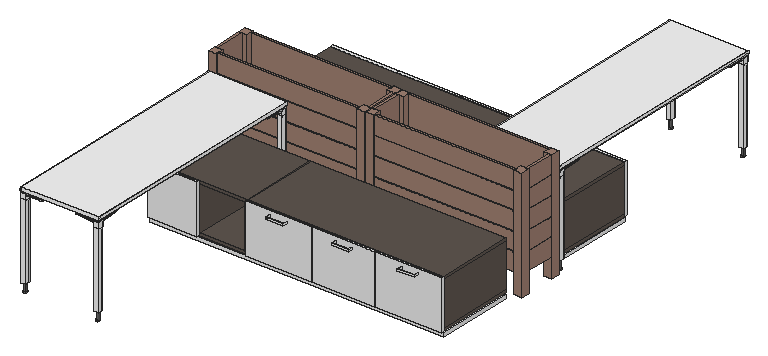
Revit family "T400094", category Furniture, Revit 2015
Parameters (values of type "T400094")
  URL = "https://ofs.com/"
  Manufacturer = "OFS"
  Description = "OFS TYPICAL T400094"
  Copyright © = "©OFS 2021"
  Catalog = "https://ofs.com/2020-experience"
  Authoring Version = "Autodesk Revit Architecture 2015"
  Assembly Code = "E2020400"
Reference planes (in)
  plane 1 "Center Front/Back": y = 0
  plane 2: z = 0
  plane 3 "Center Left/Right": x = 0
Dimensions and locks (in)
  aligned and locked: level to plane 2
Nested families (in)
  nested 1: "OFS INTERMIX TFL STRAIGHT TOP WITH SOLID COLOR 3MM PVC EDGE" at (-49.97801, -43.91732, 0) x (0, 1, 0) z (0, 0, 1), type "TFL STRAIGHT TOP SOLID COLOR 3MM PVC EDGE 72x24"
  nested 2: "FIRST OFFICE_INTERMIX_STORAGE_FLOOR_PLATFORM" at (7.40833, -16.54189, 0), type "INTERMIX-STORAGE-FLOOR-PLATFORM_CC-M9024FSP"
  nested 3: "FIRST OFFICE_INTERMIX_STORAGE_FLOOR_PLATFORM" at (6.19503, 30.22898, 0), type "INTERMIX-STORAGE-FLOOR-PLATFORM_CC-M9024FSP"
  nested 4: "OFS INTERMIX TFL STRAIGHT TOP WITH SOLID COLOR 3MM PVC EDGE" at (20.48568, 44.48819, 0) x (0, 1, 0) z (0, 0, 1), type "TFL STRAIGHT TOP SOLID COLOR 3MM PVC EDGE 72x24"
  nested 5: "OFS INTERMIX REESE LEGS" at (49.83274, 55.95866, 0) x (-1, 0, 0) z (0, 0, 1), type "Reese Leg with Caster"
    with Leveler Option yes, Caster Option no
  nested 6: "OFS INTERMIX REESE LEGS" at (54.0739, 76.95881, 0) x (0, -1, 0) z (0, 0, 1), type "Reese Leg with Caster"
    with Leveler Option yes, Caster Option no
  nested 7: "OFS INTERMIX REESE LEGS" at (28.88539, 12.13452, 0) x (0, 1, 0) z (0, 0, 1), type "Reese Leg with Caster"
    with Leveler Option yes, Caster Option no
  nested 8: "OFS INTERMIX REESE LEGS" at (33.03275, 33.13427, 0), type "Reese Leg with Caster"
    with Leveler Option yes, Caster Option no
  nested 9: "OFS INTERMIX REESE LEGS" at (-16.38679, -11.54189, 0) x (0, -1, 0) z (0, 0, 1), type "Reese Leg with Caster"
    with Leveler Option yes, Caster Option no
  nested 10: "OFS INTERMIX REESE LEGS" at (-37.42626, -55.36223, 0), type "Reese Leg with Caster"
    with Leveler Option yes, Caster Option no
  nested 11: "OFS INTERMIX REESE LEGS" at (-41.57137, -76.35972, 0) x (0, 1, 0) z (0, 0, 1), type "Reese Leg with Caster"
    with Leveler Option yes, Caster Option no
  nested 12: "OFS INTERMIX REESE LEGS" at (-20.62756, -32.54096, 0) x (-1, 0, 0) z (0, 0, 1), type "Reese Leg with Caster"
    with Leveler Option yes, Caster Option no
  nested 13: "INTERMIX PLANTER BOX" at (30.24159, 0, 0), type "INTERMIX PLANTER BOX 48in Width"
  nested 14: "INTERMIX PLANTER BOX" at (-17.75841, 0, 0), type "INTERMIX PLANTER BOX 48in Width"
  nested 15: "OFS INTERMIX TFL Floor Storage w Sliding Doors 30-36W 15H" at (-22.59168, -10.79189, 0) x (-1, 0, 0) z (0, 0, 1), type "TFL Floor Storage w Sliding Door 30"
  nested 16: "OFS INTERMIX TFL Floor Storage w Sliding Doors 30-36W 15H" at (36.19503, 11.97899, 0), type "TFL Floor Storage w Sliding Door 30"
  nested 17: "OFS INTERMIX Veneer Floor Storage with 3 Storage Drawers 60" at (22.40833, -10.79189, 0), type "Floor Storage 3 Storage Drawers 60"
  nested 18: "OFS INTERMIX Veneer Floor Storage with 3 Storage Drawers 60" at (-8.80496, 11.97898, 0) x (-1, 0, 0) z (0, 0, 1), type "Floor Storage 3 Storage Drawers 60"
Definition of nested family "OFS INTERMIX TFL STRAIGHT TOP WITH SOLID COLOR 3MM PVC EDGE"
  Parameters (values of type "TFL STRAIGHT TOP SOLID COLOR 3MM PVC EDGE 48x24")
    Width = 48.00"
    Thickness = 1.125"
    URL = "http://www.ofs.com"
    Model = "CC-K4824R"
    Manufacturer = "OFS"
    Height = 29.00"
    Edge Material = none
    Description = "OFS INTERMIX TFL STRAIGHT TOP WITH SOLID COLOR 3MM PVC EDGE 48\" Width, 24\" Connecting Edge, Seats One to Two"
    Depth = 24.00"
    Copyright © = "©OFS 2019"
    Catalog = "https://ofs.com/products/tables/conference/intermix-collaborative"
    Worksurface Material = none
    Authoring Version = "Autodesk Revit Architecture 2015"
    Assembly Code = "E2020200"
  Types (7): name | Width | Model | Description | Depth
    (no name) | 48.00" | "CC-K4824R" | "OFS INTERMIX TFL STRAIGHT TOP WITH SOLID COLOR 3MM PVC EDGE 48\" Width, 24\" Connecting Edge, Seats One to Two" | 24.00"
    TFL STRAIGHT TOP SOLID COLOR 3MM PVC EDGE 48x24 | 48.00" | "CC-K4824R" | "OFS INTERMIX TFL STRAIGHT TOP WITH SOLID COLOR 3MM PVC EDGE 48\" Width, 24\" Connecting Edge, Seats One to Two" | 24.00"
    TFL STRAIGHT TOP SOLID COLOR 3MM PVC EDGE 48x30 | 48.00" | "CC-K4830R" | "OFS INTERMIX TFL STRAIGHT TOP WITH SOLID COLOR 3MM PVC EDGE 48\" Width, 30\" Connecting Edge, Seats One to Two" | 30.00"
    TFL STRAIGHT TOP SOLID COLOR 3MM PVC EDGE 60x24 | 60.00" | "CC-K6024R" | "OFS INTERMIX TFL STRAIGHT TOP WITH SOLID COLOR 3MM PVC EDGE 60\" Width, 24\" Connecting Edge, Seats Two" | 24.00"
    TFL STRAIGHT TOP SOLID COLOR 3MM PVC EDGE 60x30 | 60.00" | "CC-K6030R" | "OFS INTERMIX TFL STRAIGHT TOP WITH SOLID COLOR 3MM PVC EDGE 60\" Width, 30\" Connecting Edge, Seats Two" | 30.00"
    TFL STRAIGHT TOP SOLID COLOR 3MM PVC EDGE 72x24 | 72.00" | "CC-K7224R" | "OFS INTERMIX TFL STRAIGHT TOP WITH SOLID COLOR 3MM PVC EDGE 72\" Width, 24\" Connecting Edge, Seats Two" | 24.00"
    TFL STRAIGHT TOP SOLID COLOR 3MM PVC EDGE 72x30 | 72.00" | "CC-K7230R" | "OFS INTERMIX TFL STRAIGHT TOP WITH SOLID COLOR 3MM PVC EDGE 72\" Width, 30\" Connecting Edge, Seats Two" | 30.00"
  Reference planes (in)
    plane 1 "Back": y = -9
    plane 2: z = 0
    plane 3 "Center Left/Right": x = 0
    plane 4: x = -24
    plane 5 "Center Front/Back": y = -21
    plane 6: x = 24
    plane 7: y = -33
    plane 8: z = 29
    plane 9: z = 27.875
    plane 10: through (-3.09549, -38.5554, 48) normal (-0.9848, 0.1736, 0)
    plane 11: through (0.02286, -21.12962, 48) normal (-0.9848, -0.1736, 0)
  Forms (in)
    Extrusion 1, solid, material <- "Worksurface Material"
      sketch origin (0, 0, 0) x (1, 0, 0) y (0, 1, 0)
        loop
          line (-24, -9.125) -> (-24, -32.875) -> (24, -32.875) -> (24, -9.125) -> (-24, -9.125)
      from 27.875 to 29
    Sweep 2, solid, material <- "Edge Material"
      path in 3D
        loop
          line (24, -9.125, 29) -> (-24, -9.125, 29)
      profile origin (0, -9.125, 29) x (0, -1, 0) y (0, 0, 1)
        loop
          arc (0, 0) -> (-0.08839, -0.03661) -> (-0.125, -0.125) r 0.125
          line (-0.125, -0.125) -> (-0.125, -1)
          arc (-0.125, -1) -> (-0.08839, -1.08839) -> (0, -1.125) r 0.125
          line (0, -1.125) -> (0, 0)
    Sweep 3, solid, material <- "Edge Material"
      path in 3D
        loop
          line (-24, -32.875, 29) -> (24, -32.875, 29)
      profile origin (0, -32.875, 29) x (0, 1, 0) y (0, 0, 1)
        loop
          arc (0, 0) -> (-0.08839, -0.03661) -> (-0.125, -0.125) r 0.125
          line (-0.125, -0.125) -> (-0.125, -1)
          arc (-0.125, -1) -> (-0.08839, -1.08839) -> (0, -1.125) r 0.125
          line (0, -1.125) -> (0, 0)
  Lines and regions (in)
    sketch lines
      curve 1: line (24, -9.125, 29) -> (-24, -9.125, 29)
      curve 2: line (-24, -32.875, 29) -> (24, -32.875, 29)
  Dimensions and locks (in)
    equal spacing: plane 4, plane 3 "Center Left/Right", plane 6
    "Width": plane 4 to plane 6
    "Depth": plane 7 to plane 1 "Back"
    "Height": plane 8 to level
    equal spacing: plane 1 "Back", plane 5 "Center Front/Back", plane 7
    "Thickness": plane 8 to plane 9
    aligned and locked: level to plane 2
  Automatic sketch dimensions
    Extrusion 1 sketch curve to plane 4 = 0.00"
    Extrusion 1 sketch curve to plane 6 = 0.00"
    plane 7 to Extrusion 1 sketch curve = 0.125"
    plane 1 "Back" to Extrusion 1 sketch curve = 0.125"
    Sweep 2 sketch curve to profile plane = 0.00"  (x2)
    Sweep 2 sketch curve to Sweep 2 sketch curve = 0.875"
    Sweep 2 sketch curve to Sweep 2 sketch curve = 0.125"
    Sweep 3 sketch curve to profile plane = 0.00"  (x2)
    Sweep 3 sketch curve to Sweep 3 sketch curve = 0.125"
    Sweep 3 sketch curve to Sweep 3 sketch curve = 0.875"
Definition of nested family "FIRST OFFICE_INTERMIX_STORAGE_FLOOR_PLATFORM"
  Parameters (values of type "INTERMIX-STORAGE-FLOOR-PLATFORM_CC-M9024FSP")
    SUPPORT PLANKS = none
    URL = "http://www.firstoffice.com/products/tables/intermix"
    SINGLE 3.5 HIGH = and(PLATFORM WIDTH < 91.00", PLATFORM HEIGHT > 2.50")  # no
    SINGLE 1.75 HIGH = and(PLATFORM WIDTH < 91.00", PLATFORM HEIGHT < 2.50")  # yes
    PLATFORM SURFACE = none
    PLATFORM DEPTH = 24.00"
    Manufacturer = "FIRST OFFICE-INTERMIX"
    MODEL NUMBER = "CC-M9024FSP"
    MANUFACTURERS' CODE = "FOF"
    ENVIRONMENTAL = "http://www.firstoffice.com/company/environment/"
    Description = "FLOOR STORAGE PLATFORM 90 X 24"
    CATALOG CODE = "FOF"
    PLATFORM WIDTH = 90.00"
    PLATFORM HEIGHT = 1.75"
    DOUBLE 3.5 HIGH = and(PLATFORM WIDTH > 91.00", PLATFORM HEIGHT > 2.50")  # no
    DOUBLE 1.75 HIGH = and(PLATFORM WIDTH > 91.00", PLATFORM HEIGHT < 2.50")  # no
  Types (41): name | SINGLE 3.5 HIGH | SINGLE 1.75 HIGH | PLATFORM DEPTH | MODEL NUMBER | Description | PLATFORM WIDTH | PLATFORM HEIGHT | DOUBLE 3.5 HIGH | DOUBLE 1.75 HIGH
    (no name) | no | yes | 24.00" | "CC-M9024FSP" | "FLOOR STORAGE PLATFORM 90 X 24" | 90.00" | 1.75" | no | no
    INTERMIX-STORAGE-FLOOR-PLATFORM_CC-M6018FSP | no | yes | 18.00" | "CC-M6018FSP" | "FLOOR STORAGE PLATFORM 60 X 18" | 60.00" | 1.75" | no | no
    INTERMIX-STORAGE-FLOOR-PLATFORM_CC-M9018FSP | no | yes | 18.00" | "CC-M9018FSP" | "FLOOR STORAGE PLATFORM 90 X 18" | 90.00" | 1.75" | no | no
    INTERMIX-STORAGE-FLOOR-PLATFORM_CC-M12018FSP | no | no | 18.00" | "CC-M12018FSP" | "FLOOR STORAGE PLATFORM 120 X 18" | 120.00" | 1.75" | no | yes
    INTERMIX-STORAGE-FLOOR-PLATFORM_CC-M15018FSP | no | no | 18.00" | "CC-M15018FSP" | "FLOOR STORAGE PLATFORM 150 X 18" | 150.00" | 1.75" | no | yes
    INTERMIX-STORAGE-FLOOR-PLATFORM_CC-M18018FSP | no | no | 18.00" | "CC-M18018FSP" | "FLOOR STORAGE PLATFORM 180 X 18" | 180.00" | 1.75" | no | yes
    INTERMIX-STORAGE-FLOOR-PLATFORM_CC-M6024FSP | no | yes | 24.00" | "CC-M6024FSP" | "FLOOR STORAGE PLATFORM 60 X 24" | 60.00" | 1.75" | no | no
    INTERMIX-STORAGE-FLOOR-PLATFORM_CC-M9024FSP | no | yes | 24.00" | "CC-M9024FSP" | "FLOOR STORAGE PLATFORM 90 X 24" | 90.00" | 1.75" | no | no
    INTERMIX-STORAGE-FLOOR-PLATFORM_CC-M12024FSP | no | no | 24.00" | "CC-M12024FSP" | "FLOOR STORAGE PLATFORM 120 X 24" | 120.00" | 1.75" | no | yes
    INTERMIX-STORAGE-FLOOR-PLATFORM_CC-M15024FSP | no | no | 24.00" | "CC-M15024FSP" | "FLOOR STORAGE PLATFORM 150 X 24" | 150.00" | 1.75" | no | yes
    INTERMIX-STORAGE-FLOOR-PLATFORM_CC-M18024FSP | no | no | 24.00" | "CC-M18024FSP" | "FLOOR STORAGE PLATFORM 180 X 24" | 180.00" | 1.75" | no | yes
    INTERMIX-STORAGE-FLOOR-PLATFORM_CC-M6018FSB | yes | no | 18.00" | "CC-M6018FSB" | "FLOOR STORAGE PLATFORM 60 X 18" | 60.00" | 3.50" | no | no
    INTERMIX-STORAGE-FLOOR-PLATFORM_CC-M9018FSB | yes | no | 18.00" | "CC-M9018FSB" | "FLOOR STORAGE PLATFORM 90 X 18" | 90.00" | 3.50" | no | no
    INTERMIX-STORAGE-FLOOR-PLATFORM_CC-M12018FSB | no | no | 18.00" | "CC-M12018FSB" | "FLOOR STORAGE PLATFORM 120 X 18" | 120.00" | 3.50" | yes | no
    INTERMIX-STORAGE-FLOOR-PLATFORM_CC-M15018FSB | no | no | 18.00" | "CC-M15018FSB" | "FLOOR STORAGE PLATFORM 150 X 18" | 150.00" | 3.50" | yes | no
    INTERMIX-STORAGE-FLOOR-PLATFORM_CC-M18018FSB | no | no | 18.00" | "CC-M18018FSB" | "FLOOR STORAGE PLATFORM 180 X 18" | 180.00" | 3.50" | yes | no
    INTERMIX-STORAGE-FLOOR-PLATFORM_CC-M6024FSB | yes | no | 24.00" | "CC-M6024FSB" | "FLOOR STORAGE PLATFORM 60 X 24" | 60.00" | 3.50" | no | no
    INTERMIX-STORAGE-FLOOR-PLATFORM_CC-M9024FSB | yes | no | 24.00" | "CC-M9024FSB" | "FLOOR STORAGE PLATFORM 90 X 24" | 90.00" | 3.50" | no | no
    INTERMIX-STORAGE-FLOOR-PLATFORM_CC-M12024FSB | no | no | 24.00" | "CC-M12024FSB" | "FLOOR STORAGE PLATFORM 120 X 24" | 120.00" | 3.50" | yes | no
    INTERMIX-STORAGE-FLOOR-PLATFORM_CC-M15024FSB | no | no | 24.00" | "CC-M15024FSB" | "FLOOR STORAGE PLATFORM 150 X 24" | 150.00" | 3.50" | yes | no
    INTERMIX-STORAGE-FLOOR-PLATFORM_CC-M18024FSB | no | no | 24.00" | "CC-M18024FSB" | "FLOOR STORAGE PLATFORM 180 X 24" | 180.00" | 3.50" | yes | no
    INTERMIX-STORAGE-FLOOR-PLATFORM_CC-W6018FSP | no | yes | 18.00" | "CC-W6018FSP" | "FLOOR STORAGE PLATFORM 60 X 18" | 60.00" | 1.75" | no | no
    INTERMIX-STORAGE-FLOOR-PLATFORM_CC-W9018FSP | no | yes | 18.00" | "CC-W9018FSP" | "FLOOR STORAGE PLATFORM 90 X 18" | 90.00" | 1.75" | no | no
    INTERMIX-STORAGE-FLOOR-PLATFORM_CC-W12018FSP | no | no | 18.00" | "CC-W12018FSP" | "FLOOR STORAGE PLATFORM 120 X 18" | 120.00" | 1.75" | no | yes
    INTERMIX-STORAGE-FLOOR-PLATFORM_CC-W15018FSP | no | no | 18.00" | "CC-W15018FSP" | "FLOOR STORAGE PLATFORM 150 X 18" | 150.00" | 1.75" | no | yes
    INTERMIX-STORAGE-FLOOR-PLATFORM_CC-W18018FSP | no | no | 18.00" | "CC-W18018FSP" | "FLOOR STORAGE PLATFORM 180 X 18" | 180.00" | 1.75" | no | yes
    INTERMIX-STORAGE-FLOOR-PLATFORM_CC-W6024FSP | no | yes | 24.00" | "CC-W6024FSP" | "FLOOR STORAGE PLATFORM 60 X 24" | 60.00" | 1.75" | no | no
    INTERMIX-STORAGE-FLOOR-PLATFORM_CC-W9024FSP | no | yes | 24.00" | "CC-W9024FSP" | "FLOOR STORAGE PLATFORM 90 X 24" | 90.00" | 1.75" | no | no
    INTERMIX-STORAGE-FLOOR-PLATFORM_CC-W12024FSP | no | no | 24.00" | "CC-W12024FSP" | "FLOOR STORAGE PLATFORM 120 X 24" | 120.00" | 1.75" | no | yes
    INTERMIX-STORAGE-FLOOR-PLATFORM_CC-W15024FSP | no | no | 24.00" | "CC-W15024FSP" | "FLOOR STORAGE PLATFORM 150 X 24" | 150.00" | 1.75" | no | yes
    INTERMIX-STORAGE-FLOOR-PLATFORM_CC-W18024FSP | no | no | 24.00" | "CC-W18024FSP" | "FLOOR STORAGE PLATFORM 180 X 24" | 180.00" | 1.75" | no | yes
    INTERMIX-STORAGE-FLOOR-PLATFORM_CC-W6018FSB | yes | no | 18.00" | "CC-W6018FSB" | "FLOOR STORAGE PLATFORM 60 X 18" | 60.00" | 3.50" | no | no
    INTERMIX-STORAGE-FLOOR-PLATFORM_CC-W9018FSB | yes | no | 18.00" | "CC-W9018FSB" | "FLOOR STORAGE PLATFORM 90 X 18" | 90.00" | 3.50" | no | no
    INTERMIX-STORAGE-FLOOR-PLATFORM_CC-W12018FSB | no | no | 18.00" | "CC-W12018FSB" | "FLOOR STORAGE PLATFORM 120 X 18" | 120.00" | 3.50" | yes | no
    INTERMIX-STORAGE-FLOOR-PLATFORM_CC-W15018FSB | no | no | 18.00" | "CC-W15018FSB" | "FLOOR STORAGE PLATFORM 150 X 18" | 150.00" | 3.50" | yes | no
    INTERMIX-STORAGE-FLOOR-PLATFORM_CC-W18018FSB | no | no | 18.00" | "CC-W18018FSB" | "FLOOR STORAGE PLATFORM 180 X 18" | 180.00" | 3.50" | yes | no
    INTERMIX-STORAGE-FLOOR-PLATFORM_CC-W6024FSB | yes | no | 24.00" | "CC-W6024FSB" | "FLOOR STORAGE PLATFORM 60 X 24" | 60.00" | 3.50" | no | no
    INTERMIX-STORAGE-FLOOR-PLATFORM_CC-W9024FSB | yes | no | 24.00" | "CC-W9024FSB" | "FLOOR STORAGE PLATFORM 90 X 24" | 90.00" | 3.50" | no | no
    INTERMIX-STORAGE-FLOOR-PLATFORM_CC-W12024FSB | no | no | 24.00" | "CC-W12024FSB" | "FLOOR STORAGE PLATFORM 120 X 24" | 120.00" | 3.50" | yes | no
    INTERMIX-STORAGE-FLOOR-PLATFORM_CC-W15024FSB | no | no | 24.00" | "CC-W15024FSB" | "FLOOR STORAGE PLATFORM 150 X 24" | 150.00" | 3.50" | yes | no
    INTERMIX-STORAGE-FLOOR-PLATFORM_CC-W18024FSB | no | no | 24.00" | "CC-W18024FSB" | "FLOOR STORAGE PLATFORM 180 X 24" | 180.00" | 3.50" | yes | no
  Reference planes (in)
    plane 1 "BACK": y = 5.75
    plane 2: z = 0
    plane 3 "Center Left/Right": x = 0
    plane 4 "LEFT": x = -45
    plane 5 "RIGHT": x = 45
    plane 6: y = 3.5
    plane 7: x = -42.28
    plane 8: x = 42.28
    plane 9: y = -18.25
    plane 10 "CENTER (FRONT/BACK)": y = -6.25
    plane 11: y = -16
    plane 12: y = 5
    plane 13: y = -17.5
    plane 14: x = 38.28
    plane 15: x = -38.28
    plane 16: z = 1.75
    plane 17: z = 0.75
    plane 18: x = -44.25
    plane 19: x = 44.25
    plane 20: x = -2.72
    plane 21: x = -6.72
    plane 22: x = -0.75
    plane 23: x = 2.72
    plane 24: x = 6.72
    plane 25: x = 0.75
  Forms (in)
    Extrusion 1, solid, material <- "SUPPORT PLANKS", visible <- "SINGLE 1.75 HIGH"
      sketch origin (0, -6.25, 0) x (1, 0, 0) y (0, 0, 1)
        loop
          line (-42.28, 0) -> (-38.28, 0) -> (-38.28, 0.75) -> (-42.28, 0.75) -> (-42.28, 0)
      from -9.75 to 9.75
    Extrusion 2, solid, material <- "SUPPORT PLANKS", visible <- "SINGLE 1.75 HIGH"
      sketch origin (0, -6.25, 0) x (-1, 0, 0) y (0, 0, -1)
        loop
          line (-42.28, 0) -> (-42.28, -0.75) -> (-38.28, -0.75) -> (-38.28, 0) -> (-42.28, 0)
      from -9.75 to 9.75
    Extrusion 3, solid, material <- "SUPPORT PLANKS", visible <- "SINGLE 3.5 HIGH"
      sketch origin (0, -6.25, 0) x (1, 0, 0) y (0, 0, 1)
        loop
          line (44.25, 0.75) -> (44.25, 0) -> (45, 0) -> (45, 0.75) -> (44.25, 0.75)
      from -11.25 to 11.25
    Extrusion 4, solid, material <- "SUPPORT PLANKS", visible <- "SINGLE 3.5 HIGH"
      sketch origin (0, -6.25, 0) x (-1, 0, 0) y (0, 0, -1)
        loop
          line (44.25, -0.75) -> (45, -0.75) -> (45, 0) -> (44.25, 0) -> (44.25, -0.75)
      from -11.25 to 11.25
    Extrusion 5, solid, material <- "SUPPORT PLANKS", visible <- "SINGLE 3.5 HIGH"
      sketch origin (0, 0, 0) x (0, 1, 0) y (0, 0, 1)
        loop
          line (5.75, 0) -> (5.75, 0.75) -> (5, 0.75) -> (5, 0) -> (5.75, 0)
      from -45 to 45
    Extrusion 6, solid, material <- "SUPPORT PLANKS", visible <- "SINGLE 3.5 HIGH"
      sketch origin (0, -12.5, 0) x (0, -1, 0) y (0, 0, -1)
        loop
          line (5.75, 0) -> (5, 0) -> (5, -0.75) -> (5.75, -0.75) -> (5.75, 0)
      from -45 to 45
    Extrusion 7, solid, material <- "PLATFORM SURFACE", visible <- "SINGLE 3.5 HIGH"
      sketch origin (0, 0, 0) x (1, 0, 0) y (0, 1, 0)
        loop
          line (-45, 5.75) -> (-45, -18.25) -> (45, -18.25) -> (45, 5.75) -> (-45, 5.75)
      from 0.75 to 1.75
    Extrusion 8, solid, material <- "PLATFORM SURFACE", visible <- "DOUBLE 1.75 HIGH"
      sketch origin (-30, -6.25, 0) x (-1, 0, 0) y (0, 0, -1)
        loop
          line (-27.28, 0) -> (-27.28, -0.75) -> (-23.28, -0.75) -> (-23.28, 0) -> (-27.28, 0)
      from -9.75 to 9.75
    Extrusion 9, solid, material <- "PLATFORM SURFACE", visible <- "DOUBLE 1.75 HIGH"
      sketch origin (30, -6.25, 0) x (1, 0, 0) y (0, 0, 1)
        loop
          line (-27.28, 0) -> (-23.28, 0) -> (-23.28, 0.75) -> (-27.28, 0.75) -> (-27.28, 0)
      from -9.75 to 9.75
    Extrusion 10, solid, material <- "SUPPORT PLANKS", visible <- "DOUBLE 3.5 HIGH"
      sketch origin (29.25, -6.25, 0) x (-1, 0, 0) y (0, 0, -1)
        loop
          line (29.25, -0.75) -> (30, -0.75) -> (30, 0) -> (29.25, 0) -> (29.25, -0.75)
      from -11.25 to 11.25
    Extrusion 11, solid, material <- "SUPPORT PLANKS", visible <- "DOUBLE 3.5 HIGH"
      sketch origin (-29.25, -6.25, 0) x (1, 0, 0) y (0, 0, 1)
        loop
          line (29.25, 0.75) -> (29.25, 0) -> (30, 0) -> (30, 0.75) -> (29.25, 0.75)
      from -11.25 to 11.25
    Extrusion 12, solid, material <- "SUPPORT PLANKS", visible <- "DOUBLE 1.75 HIGH"
      sketch origin (0.75, -6.25, 0) x (1, 0, 0) y (0, 0, 1)
        loop
          line (-43.03, 0) -> (-39.03, 0) -> (-39.03, 0.75) -> (-43.03, 0.75) -> (-43.03, 0)
      from -9.75 to 9.75
    Extrusion 13, solid, material <- "SUPPORT PLANKS", visible <- "DOUBLE 3.5 HIGH"
      sketch origin (0.34397, -6.25, 0) x (-1, 0, 0) y (0, 0, -1)
        loop
          line (44.59397, -0.75) -> (45.34397, -0.75) -> (45.34397, 0) -> (44.59397, 0) -> (44.59397, -0.75)
      from -11.25 to 11.25
    Extrusion 14, solid, material <- "SUPPORT PLANKS", visible <- "DOUBLE 1.75 HIGH"
      sketch origin (-0.35572, -6.25, 0) x (-1, 0, 0) y (0, 0, -1)
        loop
          line (-42.63572, 0) -> (-42.63572, -0.75) -> (-38.63572, -0.75) -> (-38.63572, 0) -> (-42.63572, 0)
      from -9.75 to 9.75
    Extrusion 15, solid, material <- "SUPPORT PLANKS", visible <- "DOUBLE 3.5 HIGH"
      sketch origin (-0.25, -6.25, 0) x (1, 0, 0) y (0, 0, 1)
        loop
          line (44.5, 0.75) -> (44.5, 0) -> (45.25, 0) -> (45.25, 0.75) -> (44.5, 0.75)
      from -11.25 to 11.25
    Extrusion 16, solid, material <- "PLATFORM SURFACE", visible <- "SINGLE 1.75 HIGH"
      sketch origin (0, -1.25, 0) x (1, 0, 0) y (0, 1, 0)
        loop
          line (-45, 7) -> (-45, -17) -> (45, -17) -> (45, 7) -> (-45, 7)
      from 0.75 to 1.75
    Extrusion 17, solid, material <- "PLATFORM SURFACE", visible <- "DOUBLE 3.5 HIGH"
      sketch origin (0, -2.75, 0) x (1, 0, 0) y (0, 1, 0)
        loop
          line (-45, 8.5) -> (-45, -15.5) -> (0, -15.5) -> (0, 8.5) -> (-45, 8.5)
      from 1.75 to 0.75
    Extrusion 18, solid, material <- "PLATFORM SURFACE", visible <- "DOUBLE 3.5 HIGH"
      sketch origin (31.75, -2.75, 0) x (1, 0, 0) y (0, 1, 0)
        loop
          line (-31.75, 8.5) -> (-31.75, -15.5) -> (13.25, -15.5) -> (13.25, 8.5) -> (-31.75, 8.5)
      from 0.75 to 1.75
    Extrusion 19, solid, material <- "PLATFORM SURFACE", visible <- "DOUBLE 1.75 HIGH"
      sketch origin (0, -1.5, 0) x (1, 0, 0) y (0, 1, 0)
        loop
          line (-45, 7.25) -> (-45, -16.75) -> (0, -16.75) -> (0, 7.25) -> (-45, 7.25)
      from 1.75 to 0.75
    Extrusion 20, solid, material <- "PLATFORM SURFACE", visible <- "DOUBLE 1.75 HIGH"
      sketch origin (31.75, -1.5, 0) x (1, 0, 0) y (0, 1, 0)
        loop
          line (-31.75, 7.25) -> (-31.75, -16.75) -> (13.25, -16.75) -> (13.25, 7.25) -> (-31.75, 7.25)
      from 0.75 to 1.75
    Extrusion 21, solid, material <- "SUPPORT PLANKS", visible <- "DOUBLE 3.5 HIGH"
      sketch origin (0, 0.5, 0) x (0, 1, 0) y (0, 0, 1)
        loop
          line (5.25, 0) -> (5.25, 0.75) -> (4.5, 0.75) -> (4.5, 0) -> (5.25, 0)
      from -45 to 0
    Extrusion 22, solid, material <- "SUPPORT PLANKS", visible <- "DOUBLE 3.5 HIGH"
      sketch origin (58, 0.5, 0) x (0, 1, 0) y (0, 0, 1)
        loop
          line (5.25, 0) -> (5.25, 0.75) -> (4.5, 0.75) -> (4.5, 0) -> (5.25, 0)
      from -58 to -13
    Extrusion 23, solid, material <- "SUPPORT PLANKS", visible <- "DOUBLE 3.5 HIGH"
      sketch origin (0, -13, 0) x (0, -1, 0) y (0, 0, -1)
        loop
          line (5.25, 0) -> (4.5, 0) -> (4.5, -0.75) -> (5.25, -0.75) -> (5.25, 0)
      from -45 to 0
    Extrusion 24, solid, material <- "SUPPORT PLANKS", visible <- "DOUBLE 3.5 HIGH"
      sketch origin (58, -13, 0) x (0, -1, 0) y (0, 0, -1)
        loop
          line (5.25, 0) -> (4.5, 0) -> (4.5, -0.75) -> (5.25, -0.75) -> (5.25, 0)
      from -58 to -13
  Lines and regions (in)
    Masking region 1, visible <- "SINGLE 1.75 HIGH"
      outline origin (0, 0, 0) x (1, 0, 0) y (0, 1, 0)
        loop
          line (-45, 5.75) -> (-45, -18.25) -> (45, -18.25) -> (45, 5.75) -> (-45, 5.75)
    Masking region 2, visible <- "SINGLE 3.5 HIGH"
      outline origin (0, 0, 0) x (1, 0, 0) y (0, 1, 0)
        loop
          line (-45, 5.75) -> (-45, -18.25) -> (45, -18.25) -> (45, 5.75) -> (-45, 5.75)
    Masking region 3, visible <- "DOUBLE 1.75 HIGH"
      outline origin (0, 0, 0) x (1, 0, 0) y (0, 1, 0)
        loop
          line (-45, 5.75) -> (-45, -18.25) -> (0, -18.25) -> (0, 5.75) -> (-45, 5.75)
    Masking region 4, visible <- "DOUBLE 1.75 HIGH"
      outline origin (0, 0, 0) x (1, 0, 0) y (0, 1, 0)
        loop
          line (0, 5.75) -> (0, -18.25) -> (45, -18.25) -> (45, 5.75) -> (0, 5.75)
    Masking region 5, visible <- "DOUBLE 3.5 HIGH"
      outline origin (0, 0, 0) x (1, 0, 0) y (0, 1, 0)
        loop
          line (-45, 5.75) -> (-45, -18.25) -> (0, -18.25) -> (0, 5.75) -> (-45, 5.75)
    Masking region 6, visible <- "DOUBLE 3.5 HIGH"
      outline origin (0, 0, 0) x (1, 0, 0) y (0, 1, 0)
        loop
          line (0, 5.75) -> (0, -18.25) -> (45, -18.25) -> (45, 5.75) -> (0, 5.75)
  Dimensions and locks (in)
    "PLATFORM WIDTH": plane 4 "LEFT" to plane 5 "RIGHT"
    equal spacing: plane 4 "LEFT", plane 3 "Center Left/Right", plane 5 "RIGHT"
    equal spacing: plane 9, plane 10 "CENTER (FRONT/BACK)", plane 1 "BACK"
    "PLATFORM DEPTH": plane 9 to plane 1 "BACK"
    plane 6 to plane 12 to plane 1 "BACK" = 1.50" locked, 0.75" locked
    plane 9 to plane 13 to plane 11 = 0.75" locked, 1.50" locked
    locked: plane 16 to plane 17 at 1
    "PLATFORM HEIGHT": plane 16 to plane 2
    plane 4 "LEFT" to plane 18 to plane 7 to plane 15 = 0.75" locked, 1.97" locked, 4.00" locked
    plane 14 to plane 8 to plane 19 to plane 5 "RIGHT" = 4.00" locked, 1.97" locked, 0.75" locked
    locked: Extrusion 1 sketch curve to Extrusion 1 sketch curve at 0.75
    locked: Extrusion 2 sketch curve to Extrusion 2 sketch curve at 0.75
    locked: Extrusion 8 sketch curve to Extrusion 8 sketch curve at 0.75
    locked: Extrusion 9 sketch curve to Extrusion 9 sketch curve at 0.75
    locked: Extrusion 12 sketch curve to Extrusion 12 sketch curve at 0.75
    locked: Extrusion 14 sketch curve to Extrusion 14 sketch curve at 0.75
    aligned and locked: Extrusion 1 to plane 6
    aligned and locked: Extrusion 1 to plane 11
    aligned and locked: Extrusion 1 sketch curve to plane 7
    aligned and locked: plane 15 to Extrusion 1 sketch curve
    aligned and locked: Extrusion 1 sketch curve to plane 2
    aligned and locked: Extrusion 2 sketch curve to plane 14
    aligned and locked: plane 8 to Extrusion 2 sketch curve
    aligned and locked: Extrusion 2 to plane 6
    aligned and locked: Extrusion 2 to plane 11
    aligned and locked: Extrusion 3 sketch curve to plane 19
    aligned and locked: plane 5 "RIGHT" to Extrusion 3 sketch curve
    aligned and locked: plane 17 to Extrusion 3 sketch curve
    aligned and locked: Extrusion 4 sketch curve to plane 17
    aligned and locked: Extrusion 4 sketch curve to plane 18
    aligned and locked: plane 4 "LEFT" to Extrusion 4 sketch curve
    aligned and locked: Extrusion 3 to plane 12
    aligned and locked: plane 13 to Extrusion 3
    aligned and locked: Extrusion 4 to plane 12
    aligned and locked: plane 13 to Extrusion 4
    aligned and locked: plane 12 to Extrusion 5 sketch curve
    aligned and locked: Extrusion 5 sketch curve to plane 1 "BACK"
    aligned and locked: plane 17 to Extrusion 5 sketch curve
    aligned and locked: plane 13 to Extrusion 6 sketch curve
    aligned and locked: Extrusion 6 sketch curve to plane 9
    aligned and locked: Extrusion 6 sketch curve to plane 17
    aligned and locked: Extrusion 6 to plane 4 "LEFT"
    aligned and locked: Extrusion 5 to plane 4 "LEFT"
    aligned and locked: plane 5 "RIGHT" to Extrusion 5
    aligned and locked: plane 5 "RIGHT" to Extrusion 6
    aligned and locked: Extrusion 7 sketch curve to plane 4 "LEFT"
    aligned and locked: Extrusion 7 sketch curve to plane 1 "BACK"
    aligned and locked: plane 9 to Extrusion 7 sketch curve
    aligned and locked: plane 5 "RIGHT" to Extrusion 7 sketch curve
    aligned and locked: plane 16 to Extrusion 7
    aligned and locked: Extrusion 7 to plane 17
    aligned and locked: Extrusion 8 sketch curve to plane 21
    aligned and locked: plane 20 to Extrusion 8 sketch curve
    aligned and locked: Extrusion 9 sketch curve to plane 23
    aligned and locked: plane 24 to Extrusion 9 sketch curve
    aligned and locked: Extrusion 12 sketch curve to plane 7
    aligned and locked: plane 15 to Extrusion 12 sketch curve
    aligned and locked: plane 4 "LEFT" to Extrusion 13 sketch curve
    aligned and locked: Extrusion 13 sketch curve to plane 18
    aligned and locked: Extrusion 14 sketch curve to plane 14
    aligned and locked: plane 8 to Extrusion 14 sketch curve
    aligned and locked: Extrusion 15 sketch curve to plane 19
    aligned and locked: plane 5 "RIGHT" to Extrusion 15 sketch curve
    aligned and locked: Extrusion 16 sketch curve to plane 1 "BACK"
    aligned and locked: plane 9 to Extrusion 16 sketch curve
    aligned and locked: plane 5 "RIGHT" to Extrusion 20 sketch curve
    aligned and locked: Extrusion 20 sketch curve to plane 3 "Center Left/Right"
    aligned and locked: Extrusion 20 sketch curve to plane 1 "BACK"
    aligned and locked: plane 9 to Extrusion 20 sketch curve
    aligned and locked: Extrusion 19 sketch curve to plane 4 "LEFT"
    aligned and locked: Extrusion 19 sketch curve to plane 1 "BACK"
    aligned and locked: plane 3 "Center Left/Right" to Extrusion 19 sketch curve
    aligned and locked: plane 9 to Extrusion 19 sketch curve
    aligned and locked: Extrusion 17 sketch curve to plane 1 "BACK"
    aligned and locked: Extrusion 17 sketch curve to plane 4 "LEFT"
    aligned and locked: plane 9 to Extrusion 17 sketch curve
    aligned and locked: plane 3 "Center Left/Right" to Extrusion 17 sketch curve
    aligned and locked: Extrusion 18 sketch curve to plane 1 "BACK"
    aligned and locked: plane 5 "RIGHT" to Extrusion 18 sketch curve
    aligned and locked: Extrusion 18 sketch curve to plane 3 "Center Left/Right"
    aligned and locked: plane 9 to Extrusion 18 sketch curve
    aligned and locked: plane 12 to Extrusion 21 sketch curve
    aligned and locked: Extrusion 21 to plane 4 "LEFT"
    aligned and locked: plane 3 "Center Left/Right" to Extrusion 21
    aligned and locked: Extrusion 22 to plane 3 "Center Left/Right"
    aligned and locked: plane 5 "RIGHT" to Extrusion 22
    aligned and locked: Extrusion 22 to plane 1 "BACK"
    aligned and locked: Extrusion 21 to plane 1 "BACK"
    aligned and locked: plane 9 to Extrusion 24
    aligned and locked: plane 9 to Extrusion 23
    aligned and locked: plane 5 "RIGHT" to Extrusion 24
    aligned and locked: Extrusion 23 to plane 4 "LEFT"
    aligned and locked: Extrusion 12 to plane 6
    aligned and locked: Extrusion 8 to plane 6
    aligned and locked: Extrusion 9 to plane 6
    aligned and locked: Extrusion 14 to plane 6
    aligned and locked: Extrusion 11 to plane 12
    aligned and locked: Extrusion 10 to plane 12
    aligned and locked: Extrusion 14 to plane 11
    aligned and locked: Extrusion 9 to plane 11
    aligned and locked: Extrusion 8 to plane 11
    aligned and locked: Extrusion 12 to plane 11
    aligned and locked: plane 13 to Extrusion 13
    aligned and locked: plane 13 to Extrusion 10
    aligned and locked: plane 13 to Extrusion 11
    aligned and locked: plane 13 to Extrusion 15
    aligned and locked: Extrusion 15 to plane 12
    aligned and locked: Extrusion 13 to plane 12
    aligned: plane 16 to Extrusion 19
    aligned: plane 16 to Extrusion 17
    aligned and locked: plane 16 to Extrusion 16
    aligned and locked: plane 16 to Extrusion 20
    aligned and locked: plane 16 to Extrusion 18
    aligned and locked: Extrusion 16 to plane 17
    aligned and locked: Extrusion 20 to plane 17
    aligned and locked: Extrusion 18 to plane 17
    aligned and locked: plane 16 to Extrusion 19
    aligned and locked: Extrusion 17 to plane 17
    aligned and locked: plane 16 to Extrusion 17
    aligned and locked: Extrusion 19 to plane 17
  Automatic sketch dimensions
    Extrusion 2 sketch curve to level = 0.00"
    Extrusion 3 sketch curve to level = 0.00"
    Extrusion 4 sketch curve to level = 0.00"
    Extrusion 5 sketch curve to level = 0.00"
    Extrusion 6 sketch curve to level = 0.00"
    Extrusion 8 sketch curve to level = 0.00"
    Extrusion 9 sketch curve to level = 0.00"
    Extrusion 10 sketch curve to level = 0.00"
    Extrusion 10 sketch curve to plane 3 "Center Left/Right" = 0.00"
    Extrusion 10 sketch curve to plane 17 = 0.00"
    Extrusion 10 sketch curve to plane 22 = 0.00"
    Extrusion 11 sketch curve to level = 0.00"
    Extrusion 11 sketch curve to plane 3 "Center Left/Right" = 0.00"
    Extrusion 11 sketch curve to plane 17 = 0.00"
    Extrusion 11 sketch curve to plane 25 = 0.00"
    Extrusion 12 sketch curve to level = 0.00"
    Extrusion 13 sketch curve to level = 0.00"
    Extrusion 13 sketch curve to plane 17 = 0.00"
    Extrusion 14 sketch curve to level = 0.00"
    Extrusion 15 sketch curve to level = 0.00"
    Extrusion 15 sketch curve to plane 17 = 0.00"
    Extrusion 16 sketch curve to plane 4 "LEFT" = 0.00"
    Extrusion 16 sketch curve to plane 5 "RIGHT" = 0.00"
    Masking region 1 sketch curve to plane 4 "LEFT" = 0.00"
    plane 1 "BACK" to Masking region 1 sketch curve = 0.00"
    Masking region 1 sketch curve to plane 5 "RIGHT" = 0.00"
    plane 9 to Masking region 1 sketch curve = 0.00"
    Masking region 2 sketch curve to plane 4 "LEFT" = 0.00"
    plane 1 "BACK" to Masking region 2 sketch curve = 0.00"
    Masking region 2 sketch curve to plane 5 "RIGHT" = 0.00"
    plane 9 to Masking region 2 sketch curve = 0.00"
    Masking region 3 sketch curve to plane 4 "LEFT" = 0.00"
    plane 1 "BACK" to Masking region 3 sketch curve = 0.00"
    Masking region 3 sketch curve to plane 3 "Center Left/Right" = 0.00"
    plane 9 to Masking region 3 sketch curve = 0.00"
    Masking region 4 sketch curve to plane 3 "Center Left/Right" = 0.00"
    plane 1 "BACK" to Masking region 4 sketch curve = 0.00"
    Masking region 4 sketch curve to plane 5 "RIGHT" = 0.00"
    plane 9 to Masking region 4 sketch curve = 0.00"
    Masking region 5 sketch curve to plane 4 "LEFT" = 0.00"
    plane 1 "BACK" to Masking region 5 sketch curve = 0.00"
    Masking region 5 sketch curve to plane 3 "Center Left/Right" = 0.00"
    plane 9 to Masking region 5 sketch curve = 0.00"
    Masking region 6 sketch curve to plane 3 "Center Left/Right" = 0.00"
    plane 1 "BACK" to Masking region 6 sketch curve = 0.00"
    Masking region 6 sketch curve to plane 5 "RIGHT" = 0.00"
    plane 9 to Masking region 6 sketch curve = 0.00"
    Extrusion 21 sketch curve to plane 17 = 0.00"
    Extrusion 21 sketch curve to level = 0.00"
    Extrusion 21 sketch curve to plane 1 "BACK" = 0.00"
    Extrusion 22 sketch curve to level = 0.00"
    Extrusion 22 sketch curve to plane 12 = 0.00"
    Extrusion 22 sketch curve to plane 17 = 0.00"
    Extrusion 22 sketch curve to plane 1 "BACK" = 0.00"
    Extrusion 23 sketch curve to level = 0.00"
    Extrusion 23 sketch curve to plane 13 = 0.00"
    Extrusion 23 sketch curve to plane 17 = 0.00"
    plane 9 to Extrusion 23 sketch curve = 0.00"
    Extrusion 24 sketch curve to level = 0.00"
    Extrusion 24 sketch curve to plane 13 = 0.00"
    Extrusion 24 sketch curve to plane 17 = 0.00"
    plane 9 to Extrusion 24 sketch curve = 0.00"
Definition of nested family "OFS INTERMIX REESE LEGS"
  Parameters (values of type "Reese Leg with Caster")
    Width = 7.00"
    URL = "https://ofs.com/"
    Model = "R7A"
    Manufacturer = "OFS"
    LowLegOffset = 2.6875"
    Leveler Option = no
    Leg Finish = none
    Height = 27.75"
    Description = "OFS INTERMIX REESE LEG WITH CASTER"
    Depth = 7.00"
    Copyright © = "©OFS 2019"
    Catalog = "https://ofs.com/products/tables/conference/intermix-collaborative"
    Casters Finish = none
    Caster Option = yes
    Authoring Version = "Autodesk Revit Architecture 2015"
    Assembly Code = "E2020200"
  Types (3): name | Model | LowLegOffset | Leveler Option | Description | Caster Option
    (no name) | "R7A" | 2.6875" | no | "OFS INTERMIX REESE LEG WITH CASTER" | yes
    Reese Leg with Caster | "R7A" | 2.6875" | no | "OFS INTERMIX REESE LEG WITH CASTER" | yes
    Reese Leg with Leveler | "A4F" | 0.50" | yes | "OFS INTERMIX REESE LEG WITH LEVELER" | no
  Reference planes (in)
    plane 1 "Back": y = -17.5
    plane 2: z = 0
    plane 3 "Center Left/Right": x = 0
    plane 4: x = -3.5
    plane 5 "Center Front/Back": y = -21
    plane 6: x = 3.5
    plane 7: y = -24.5
    plane 8: z = 27.75
    plane 9: z = 26.625
    plane 10: z = 27.5
    plane 11: z = 25.74991
    plane 12: z = 2.6875
  Forms (in)
    Extrusion 1, solid, material <- "Leg Finish"
      sketch origin (0, 0, 0) x (1, 0, 0) y (0, 1, 0)
        loop
          line (3.46339, -23.39286) -> (-2.39286, -17.53661)
          arc (-2.39286, -17.53661) -> (-2.43341, -17.50952) -> (-2.48125, -17.5) r 0.125
          line (-2.48125, -17.5) -> (-3.4375, -17.5)
          arc (-3.4375, -17.5) -> (-3.48169, -17.51831) -> (-3.5, -17.5625) r 0.0625
          line (-3.5, -17.5625) -> (-3.5, -24.4375)
          arc (-3.5, -24.4375) -> (-3.48169, -24.48169) -> (-3.4375, -24.5) r 0.0625
          line (-3.4375, -24.5) -> (3.4375, -24.5)
          arc (3.4375, -24.5) -> (3.48169, -24.48169) -> (3.5, -24.4375) r 0.0625
          line (3.5, -24.4375) -> (3.5, -23.48125)
          arc (3.5, -23.48125) -> (3.49048, -23.43341) -> (3.46339, -23.39286) r 0.125
      from 27.5 to 27.75
    Extrusion 2, solid, material <- "Leg Finish"
      sketch origin (0, 0, 0) x (1, 0, 0) y (0, 1, 0)
        loop
          line (-3.4375, -23.0625) -> (-3.4375, -24.375)
          arc (-3.4375, -24.375) -> (-3.41919, -24.41919) -> (-3.375, -24.4375) r 0.0625
          line (-3.375, -24.4375) -> (-2.0625, -24.4375)
          arc (-2.0625, -24.4375) -> (-2.01831, -24.41919) -> (-2, -24.375) r 0.0625
          line (-2, -24.375) -> (-2, -23.0625)
          arc (-2, -23.0625) -> (-2.01831, -23.01831) -> (-2.0625, -23) r 0.0625
          line (-2.0625, -23) -> (-3.375, -23)
          arc (-3.375, -23) -> (-3.41919, -23.01831) -> (-3.4375, -23.0625) r 0.0625
      from 2.6875 to 25.74991
    Revolve 3, solid, material <- "Casters Finish", visible <- "Caster Option"
      sketch origin (-1.89524, 0, 0) x (0, 1, 0) y (0, 0, 1)
        loop
          line (-22.79127, 1.1735) -> (-23.31674, 1.1735) -> (-23.31674, 0.0625)
          arc (-23.31674, 0.0625) -> (-23.29844, 0.01831) -> (-23.25424, 0) r 0.0625
          line (-23.25424, 0) -> (-22.87401, 0)
          arc (-22.87401, 0) -> (-22.83063, 0.01751) -> (-22.81155, 0.06022) r 0.0625
          arc (-22.81155, 0.06022) -> (-22.79634, 0.61677) -> (-22.79127, 1.1735) r 30.56955
        loop
          arc (-24.65717, 1.1735) -> (-24.6521, 0.61677) -> (-24.6369, 0.06022) r 30.56955
          arc (-24.6369, 0.06022) -> (-24.61782, 0.01751) -> (-24.57444, 0) r 0.0625
          line (-24.57444, 0) -> (-24.1942, 0)
          arc (-24.1942, 0) -> (-24.15001, 0.01831) -> (-24.1317, 0.0625) r 0.0625
          line (-24.1317, 0.0625) -> (-24.1317, 1.1735) -> (-24.65717, 1.1735)
        axis (-22.79127, 1.1735) -> (-24.65717, 1.1735)
      angle from 0 to 360
    Blend 4, solid, material <- "Leg Finish"
      base sketch origin (0, -17.5, 0) x (1, 0, 0) y (0, 0, 1)
        loop
          line (-3.5, 27.5) -> (-3.5, 27.46875)
          arc (-3.5, 27.46875) -> (-3.49085, 27.44665) -> (-3.46875, 27.4375) r 0.03125
          line (-3.46875, 27.4375) -> (-2.5125, 27.4375)
          arc (-2.5125, 27.4375) -> (-2.4904, 27.44665) -> (-2.48125, 27.46875) r 0.03125
          line (-2.48125, 27.46875) -> (-2.48125, 27.5) -> (-3.5, 27.5)
      top sketch origin (0, -17.5, 0) x (1, 0, 0) y (0, 0, 1)
        loop
          line (-2.9675, 26.625) -> (-1.96842, 26.625)
          arc (-1.96842, 26.625) -> (-1.92422, 26.64331) -> (-1.90592, 26.6875) r 0.0625
          line (-1.90592, 26.6875) -> (-1.90592, 27.5) -> (-3.5, 27.5) -> (-3.02187, 26.65667)
          arc (-3.02187, 26.65667) -> (-2.99896, 26.6335) -> (-2.9675, 26.625) r 0.0625
      from 0.39697 to 5.41753
    Blend 5, solid, material <- "Leg Finish"
      base sketch origin (3.5, -21, 0) x (0, 1, 0) y (0, 0, -1)
        loop
          line (-3.5, -27.5) -> (-2.48125, -27.5) -> (-2.48125, -27.46875)
          arc (-2.48125, -27.46875) -> (-2.4904, -27.44665) -> (-2.5125, -27.4375) r 0.03125
          line (-2.5125, -27.4375) -> (-3.46875, -27.4375)
          arc (-3.46875, -27.4375) -> (-3.49085, -27.44665) -> (-3.5, -27.46875) r 0.03125
          line (-3.5, -27.46875) -> (-3.5, -27.5)
      top sketch origin (3.5, -21, 0) x (0, 1, 0) y (0, 0, -1)
        loop
          arc (-2.9675, -26.625) -> (-2.99896, -26.6335) -> (-3.02187, -26.65667) r 0.0625
          line (-3.02187, -26.65667) -> (-3.5, -27.5) -> (-1.90592, -27.5) -> (-1.90592, -26.6875)
          arc (-1.90592, -26.6875) -> (-1.92422, -26.64331) -> (-1.96842, -26.625) r 0.0625
          line (-1.96842, -26.625) -> (-2.9675, -26.625)
      from 0.39697 to 5.41753
    Extrusion 6, solid, material <- "Leg Finish"
      sketch origin (0, 0, 0) x (1, 0, 0) y (0, 1, 0)
        loop
          line (-3.4375, -24.5) -> (-2, -24.5)
          arc (-2, -24.5) -> (-1.95581, -24.48169) -> (-1.9375, -24.4375) r 0.0625
          line (-1.9375, -24.4375) -> (-1.9375, -23)
          arc (-1.9375, -23) -> (-1.95581, -22.95581) -> (-2, -22.9375) r 0.0625
          line (-2, -22.9375) -> (-3.4375, -22.9375)
          arc (-3.4375, -22.9375) -> (-3.48169, -22.95581) -> (-3.5, -23) r 0.0625
          line (-3.5, -23) -> (-3.5, -24.4375)
          arc (-3.5, -24.4375) -> (-3.48169, -24.48169) -> (-3.4375, -24.5) r 0.0625
      from 27.5 to 25.74991
    Extrusion 7, solid, material <- "Casters Finish", visible <- "Caster Option"
      sketch origin (0, -17.5, 0) x (1, 0, 0) y (0, 0, 1)
        loop
          arc (-0.7749, 0.7874) -> (-1.97446, 2.36221) -> (-2.94684, 0.63783) r 1.18506
          line (-2.94684, 0.63783) -> (-0.7749, 0.7874)
      from 5.87602 to 6.58793
    Extrusion 8, solid, material <- "Casters Finish", visible <- "Caster Option"
      sketch origin (0, 0, 0) x (1, 0, 0) y (0, 1, 0)
        loop
          circle (-2.71693, -23.72422) r 0.25
      from 1.13831 to 2.6875
    Extrusion 9, solid, material <- "Casters Finish", visible <- "Caster Option"
      sketch origin (0, -17.5, 0) x (1, 0, 0) y (0, 0, 1)
        loop
          arc (-0.96403, 2.30405) -> (-1.00736, 2.31974) -> (-1.04966, 2.30146) r 0.0625
          arc (-1.04966, 2.30146) -> (-1.06794, 2.25537) -> (-1.0469, 2.21048) r 0.0625
          arc (-1.0469, 2.21048) -> (-0.81799, 1.95225) -> (-0.65742, 1.6468) r 1.43355
          arc (-0.65742, 1.6468) -> (-0.49368, 1.42237) -> (-0.23852, 1.31251) r 0.52656
          line (-0.23852, 1.31251) -> (0.10687, 1.26397)
          arc (0.10687, 1.26397) -> (0.15318, 1.27594) -> (0.17746, 1.31716) r 0.0625
          arc (0.17746, 1.31716) -> (0.16548, 1.36347) -> (0.12427, 1.38775) r 0.0625
          line (0.12427, 1.38775) -> (-0.22112, 1.43629)
          arc (-0.22112, 1.43629) -> (-0.41571, 1.52008) -> (-0.54058, 1.69123) r 0.40156
          arc (-0.54058, 1.69123) -> (-0.71515, 2.02331) -> (-0.96403, 2.30405) r 1.55855
      from 5.7321 to 6.71635
    Extrusion 10, solid, material <- "Casters Finish", visible <- "Caster Option"
      sketch origin (0, -17.5, 0) x (1, 0, 0) y (0, 0, 1)
        loop
          arc (-0.65742, 1.6468) -> (-0.58125, 1.23404) -> (-0.65609, 0.82103) r 1.1667
          arc (-0.65609, 0.82103) -> (-0.693, 0.77111) -> (-0.75065, 0.74803) r 0.11366
          arc (-0.75065, 0.74803) -> (-0.83368, 0.74371) -> (-0.91671, 0.74803) r 0.79875
          arc (-0.91671, 0.74803) -> (-1.0951, 0.57251) -> (-1.31654, 0.45593) r 0.85814
          arc (-1.31654, 0.45593) -> (-1.27638, 0.39117) -> (-1.27612, 0.31496) r 0.13987
          line (-1.27612, 0.31496) -> (-0.65216, 0.31496)
          arc (-0.65216, 0.31496) -> (-0.49699, 0.36895) -> (-0.40883, 0.50759) r 0.25
          line (-0.40883, 0.50759) -> (-0.26012, 1.13831)
          arc (-0.26012, 1.13831) -> (-0.18518, 1.25071) -> (-0.05498, 1.28671) r 0.19354
          line (-0.05498, 1.28671) -> (-0.23852, 1.31251)
          arc (-0.23852, 1.31251) -> (-0.49368, 1.42237) -> (-0.65742, 1.6468) r 0.52656
        loop
          line (-0.55752, 0.7308) -> (-0.51328, 0.60927) -> (-0.37034, 1.21551)
          arc (-0.37034, 1.21551) -> (-0.414, 1.23174) -> (-0.45639, 1.25105) r 0.65156
          arc (-0.45639, 1.25105) -> (-0.47998, 0.98569) -> (-0.55752, 0.7308) r 1.2917
        loop
          arc (-0.70165, 0.62819) -> (-0.78088, 0.62022) -> (-0.8605, 0.6191) r 0.92375
          arc (-0.8605, 0.6191) -> (-0.95765, 0.5223) -> (-1.06732, 0.43996) r 0.98314
          line (-1.06732, 0.43996) -> (-0.64768, 0.43996) -> (-0.70165, 0.62819)
      from 5.99502 to 6.46044
    Revolve 11, solid, material <- "Casters Finish", visible <- "Caster Option", not visible
      sketch origin (-1.89524, 0, 0) x (0, 1, 0) y (0, 0, 1)
        loop
          line (-22.79127, 1.1735) -> (-23.31674, 1.1735) -> (-23.31674, 0.0625)
          arc (-23.31674, 0.0625) -> (-23.29844, 0.01831) -> (-23.25424, 0) r 0.0625
          line (-23.25424, 0) -> (-22.87401, 0)
          arc (-22.87401, 0) -> (-22.83063, 0.01751) -> (-22.81155, 0.06022) r 0.0625
          arc (-22.81155, 0.06022) -> (-22.79634, 0.61677) -> (-22.79127, 1.1735) r 30.56955
        loop
          arc (-24.65717, 1.1735) -> (-24.6521, 0.61677) -> (-24.6369, 0.06022) r 30.56955
          arc (-24.6369, 0.06022) -> (-24.61782, 0.01751) -> (-24.57444, 0) r 0.0625
          line (-24.57444, 0) -> (-24.1942, 0)
          arc (-24.1942, 0) -> (-24.15001, 0.01831) -> (-24.1317, 0.0625) r 0.0625
          line (-24.1317, 0.0625) -> (-24.1317, 1.1735) -> (-24.65717, 1.1735)
        axis (-22.79127, 1.1735) -> (-24.65717, 1.1735)
      angle from 0 to 360
    Extrusion 12, solid, material <- "Casters Finish", visible <- "Caster Option", not visible
      sketch origin (0, -17.5, 0) x (1, 0, 0) y (0, 0, 1)
        loop
          arc (-0.7749, 0.7874) -> (-1.97446, 2.36221) -> (-2.94684, 0.63783) r 1.18506
          line (-2.94684, 0.63783) -> (-0.7749, 0.7874)
      from 5.87602 to 6.58793
    Extrusion 13, solid, material <- "Casters Finish", visible <- "Caster Option", not visible
      sketch origin (0, 0, 0) x (1, 0, 0) y (0, 1, 0)
        loop
          circle (-2.71693, -23.72422) r 0.25
      from 1.13831 to 2.6875
    Extrusion 14, solid, material <- "Casters Finish", visible <- "Caster Option", not visible
      sketch origin (0, -17.5, 0) x (1, 0, 0) y (0, 0, 1)
        loop
          arc (-0.96403, 2.30405) -> (-1.00736, 2.31974) -> (-1.04966, 2.30146) r 0.0625
          arc (-1.04966, 2.30146) -> (-1.06794, 2.25537) -> (-1.0469, 2.21048) r 0.0625
          arc (-1.0469, 2.21048) -> (-0.81799, 1.95225) -> (-0.65742, 1.6468) r 1.43355
          arc (-0.65742, 1.6468) -> (-0.49368, 1.42237) -> (-0.23852, 1.31251) r 0.52656
          line (-0.23852, 1.31251) -> (0.10687, 1.26397)
          arc (0.10687, 1.26397) -> (0.15318, 1.27594) -> (0.17746, 1.31716) r 0.0625
          arc (0.17746, 1.31716) -> (0.16548, 1.36347) -> (0.12427, 1.38775) r 0.0625
          line (0.12427, 1.38775) -> (-0.22112, 1.43629)
          arc (-0.22112, 1.43629) -> (-0.41571, 1.52008) -> (-0.54058, 1.69123) r 0.40156
          arc (-0.54058, 1.69123) -> (-0.71515, 2.02331) -> (-0.96403, 2.30405) r 1.55855
      from 5.7321 to 6.71635
    Extrusion 15, solid, material <- "Casters Finish", visible <- "Caster Option", not visible
      sketch origin (0, -17.5, 0) x (1, 0, 0) y (0, 0, 1)
        loop
          arc (-0.65742, 1.6468) -> (-0.58125, 1.23404) -> (-0.65609, 0.82103) r 1.1667
          arc (-0.65609, 0.82103) -> (-0.693, 0.77111) -> (-0.75065, 0.74803) r 0.11366
          arc (-0.75065, 0.74803) -> (-0.83368, 0.74371) -> (-0.91671, 0.74803) r 0.79875
          arc (-0.91671, 0.74803) -> (-1.0951, 0.57251) -> (-1.31654, 0.45593) r 0.85814
          arc (-1.31654, 0.45593) -> (-1.27638, 0.39117) -> (-1.27612, 0.31496) r 0.13987
          line (-1.27612, 0.31496) -> (-0.65216, 0.31496)
          arc (-0.65216, 0.31496) -> (-0.49699, 0.36895) -> (-0.40883, 0.50759) r 0.25
          line (-0.40883, 0.50759) -> (-0.26012, 1.13831)
          arc (-0.26012, 1.13831) -> (-0.18518, 1.25071) -> (-0.05498, 1.28671) r 0.19354
          line (-0.05498, 1.28671) -> (-0.23852, 1.31251)
          arc (-0.23852, 1.31251) -> (-0.49368, 1.42237) -> (-0.65742, 1.6468) r 0.52656
        loop
          line (-0.55752, 0.7308) -> (-0.51328, 0.60927) -> (-0.37034, 1.21551)
          arc (-0.37034, 1.21551) -> (-0.414, 1.23174) -> (-0.45639, 1.25105) r 0.65156
          arc (-0.45639, 1.25105) -> (-0.47998, 0.98569) -> (-0.55752, 0.7308) r 1.2917
        loop
          arc (-0.70165, 0.62819) -> (-0.78088, 0.62022) -> (-0.8605, 0.6191) r 0.92375
          arc (-0.8605, 0.6191) -> (-0.95765, 0.5223) -> (-1.06732, 0.43996) r 0.98314
          line (-1.06732, 0.43996) -> (-0.64768, 0.43996) -> (-0.70165, 0.62819)
      from 5.99502 to 6.46044
    Revolve 16, solid, material <- "Casters Finish", visible <- "Leveler Option"
      sketch origin (3.57742, -23.71875, 0) x (1, 0, 0) y (0, 0, 1)
        loop
          line (-6.62117, 2.6875) -> (-6.62117, 0.2225) -> (-6.71492, 0.2225)
          arc (-6.71492, 0.2225) -> (-6.82617, 0.11125) -> (-6.71492, 0) r 0.11125
          line (-6.71492, 0) -> (-6.29617, 0) -> (-6.29617, 0.2225) -> (-6.29617, 2.6875) -> (-6.62117, 2.6875)
        axis (-6.29617, 0) -> (-6.29617, 2.6875)
      angle from 0 to 360
  Cuts and joins
    joined: Extrusion 7, Extrusion 8
    joined: Blend 4, Blend 5, Extrusion 6
  Dimensions and locks (in)
    equal spacing: plane 4, plane 3 "Center Left/Right", plane 6
    "Width": plane 4 to plane 6
    "Depth": plane 7 to plane 1 "Back"
    "Height": plane 8 to level
    equal spacing: plane 1 "Back", plane 5 "Center Front/Back", plane 7
    plane 8 to plane 9 = 1.125"
    locked: plane 8 to plane 10 at 0.25
    locked: plane 9 to plane 11 at 0.87509
    "LowLegOffset": plane 12 to level
    aligned and locked: level to plane 2
    aligned and locked: plane 8 to Extrusion 1
    aligned and locked: Extrusion 1 to plane 8
    aligned and locked: Extrusion 1 to plane 10
    aligned and locked: Extrusion 2 to plane 12
    aligned and locked: plane 11 to Extrusion 2
    aligned and locked: plane 10 to Extrusion 6
    aligned and locked: Extrusion 6 to plane 11
  Automatic sketch dimensions
    Revolve 3 sketch curve to Revolve 3 sketch curve = 0.0625"  (x5)
    Revolve 3 sketch curve to Revolve 3 sketch curve = 0.81496"
    Revolve 3 sketch curve to Revolve 3 sketch curve = 0.38023"  (x2)
    Revolve 3 sketch curve to Revolve 3 sketch curve = 0.52547"
    Revolve 3 sketch curve to Revolve 3 sketch curve = 0.68671"
    Revolve 3 sketch curve to Revolve 3 sketch curve = 0.00"  (x3)
    Extrusion 7 sketch curve to Extrusion 7 sketch curve = 1.05379"
    Extrusion 9 sketch curve to Extrusion 9 sketch curve = 0.00"  (x19)
    Extrusion 9 sketch curve to Extrusion 9 sketch curve = 0.0174"
    Extrusion 9 sketch curve to Extrusion 9 sketch curve = 0.0087"  (x2)
    Extrusion 9 sketch curve to Extrusion 9 sketch curve = 0.39765"
    Extrusion 9 sketch curve to Extrusion 9 sketch curve = 0.04854"
    Extrusion 9 sketch curve to Extrusion 9 sketch curve = 0.06189"  (x2)
    Extrusion 9 sketch curve to Extrusion 9 sketch curve = 0.12378"
    Extrusion 9 sketch curve to Extrusion 9 sketch curve = 0.04144"
    Extrusion 9 sketch curve to Extrusion 9 sketch curve = 0.84023"
    Extrusion 9 sketch curve to Extrusion 9 sketch curve = 0.04419"
    Extrusion 10 sketch curve to Extrusion 10 sketch curve = 0.00"  (x18)
    Extrusion 10 sketch curve to Extrusion 10 sketch curve = 0.14663"
    Extrusion 10 sketch curve to Extrusion 10 sketch curve = 0.19049"
    Extrusion 10 sketch curve to Extrusion 10 sketch curve = 0.07121"
    Extrusion 10 sketch curve to Extrusion 10 sketch curve = 0.06081"
    Extrusion 10 sketch curve to Extrusion 10 sketch curve = 0.04949"
    Extrusion 10 sketch curve to Extrusion 10 sketch curve = 0.00448"
    Extrusion 10 sketch curve to Extrusion 10 sketch curve = 0.14413"
    Extrusion 10 sketch curve to Extrusion 10 sketch curve = 0.04423"
    Extrusion 10 sketch curve to Extrusion 10 sketch curve = 0.10445"
    Extrusion 10 sketch curve to Extrusion 10 sketch curve = 0.11023"
    Extrusion 10 sketch curve to Extrusion 10 sketch curve = 0.13183"
    Extrusion 10 sketch curve to Extrusion 10 sketch curve = 0.125"
    Extrusion 10 sketch curve to Extrusion 10 sketch curve = 0.06763"
    Extrusion 10 sketch curve to Extrusion 10 sketch curve = 0.10168"
    Extrusion 10 sketch curve to Extrusion 10 sketch curve = 0.06323"
    Extrusion 10 sketch curve to Extrusion 10 sketch curve = 0.12153"
    Extrusion 10 sketch curve to Extrusion 10 sketch curve = 0.23289"
    Extrusion 10 sketch curve to Extrusion 10 sketch curve = 0.3631"
    Extrusion 10 sketch curve to Extrusion 10 sketch curve = 0.04442"
    Extrusion 10 sketch curve to Extrusion 10 sketch curve = 0.0772"
    Extrusion 10 sketch curve to Extrusion 10 sketch curve = 0.03327"
    Extrusion 10 sketch curve to Extrusion 10 sketch curve = 0.097"
    Extrusion 10 sketch curve to Extrusion 10 sketch curve = 0.32695"
    Extrusion 10 sketch curve to Extrusion 10 sketch curve = 0.52144"
    Extrusion 10 sketch curve to Extrusion 10 sketch curve = 0.09429"
    Extrusion 10 sketch curve to Extrusion 10 sketch curve = 0.13471"
    Extrusion 10 sketch curve to Extrusion 10 sketch curve = 0.24922"
    Extrusion 10 sketch curve to Extrusion 10 sketch curve = 0.0562"
    Extrusion 10 sketch curve to Extrusion 10 sketch curve = 0.01182"
    Extrusion 10 sketch curve to Extrusion 10 sketch curve = 0.10986"
    Revolve 3 sketch curve to Revolve 3 sketch curve = 28.70365"  (x2)
    Revolve 3 sketch curve to Revolve 3 sketch curve = 0.08274"
    Revolve 3 sketch curve to Revolve 3 sketch curve = 1.111"
    Extrusion 7 sketch curve to Extrusion 7 sketch curve = 1.11815"
    Extrusion 7 sketch curve to Extrusion 7 sketch curve = 0.14957"
    Extrusion 9 sketch curve to Extrusion 9 sketch curve = 0.99191"
    Extrusion 9 sketch curve to Extrusion 9 sketch curve = 0.07328"
    Extrusion 9 sketch curve to Extrusion 9 sketch curve = 0.34539"
    Extrusion 9 sketch curve to Extrusion 9 sketch curve = 0.12665"
    Extrusion 10 sketch curve to Extrusion 10 sketch curve = 0.76764"
    Extrusion 10 sketch curve to Extrusion 10 sketch curve = 0.28574"
    Extrusion 10 sketch curve to Extrusion 10 sketch curve = 0.07328"
    Extrusion 10 sketch curve to Extrusion 10 sketch curve = 0.18838"
    Extrusion 10 sketch curve to Extrusion 10 sketch curve = 0.18354"
    Revolve 11 sketch curve to Revolve 11 sketch curve = 0.0625"  (x5)
    Revolve 11 sketch curve to Revolve 11 sketch curve = 0.81496"
    Revolve 11 sketch curve to Revolve 11 sketch curve = 0.38023"  (x2)
    Revolve 11 sketch curve to Revolve 11 sketch curve = 0.52547"
    Revolve 11 sketch curve to Revolve 11 sketch curve = 0.68671"
    Revolve 11 sketch curve to Revolve 11 sketch curve = 0.00"  (x3)
    Extrusion 12 sketch curve to Extrusion 12 sketch curve = 1.05379"
    Extrusion 14 sketch curve to Extrusion 14 sketch curve = 0.00"  (x19)
    Extrusion 14 sketch curve to Extrusion 14 sketch curve = 0.0174"
    Extrusion 14 sketch curve to Extrusion 14 sketch curve = 0.0087"  (x2)
    Extrusion 14 sketch curve to Extrusion 14 sketch curve = 0.39765"
    Extrusion 14 sketch curve to Extrusion 14 sketch curve = 0.04854"
    Extrusion 14 sketch curve to Extrusion 14 sketch curve = 0.06189"  (x2)
    Extrusion 14 sketch curve to Extrusion 14 sketch curve = 0.12378"
    Extrusion 14 sketch curve to Extrusion 14 sketch curve = 0.04144"
    Extrusion 14 sketch curve to Extrusion 14 sketch curve = 0.84023"
    Extrusion 14 sketch curve to Extrusion 14 sketch curve = 0.04419"
    Extrusion 15 sketch curve to Extrusion 15 sketch curve = 0.00"  (x18)
    Extrusion 15 sketch curve to Extrusion 15 sketch curve = 0.14663"
